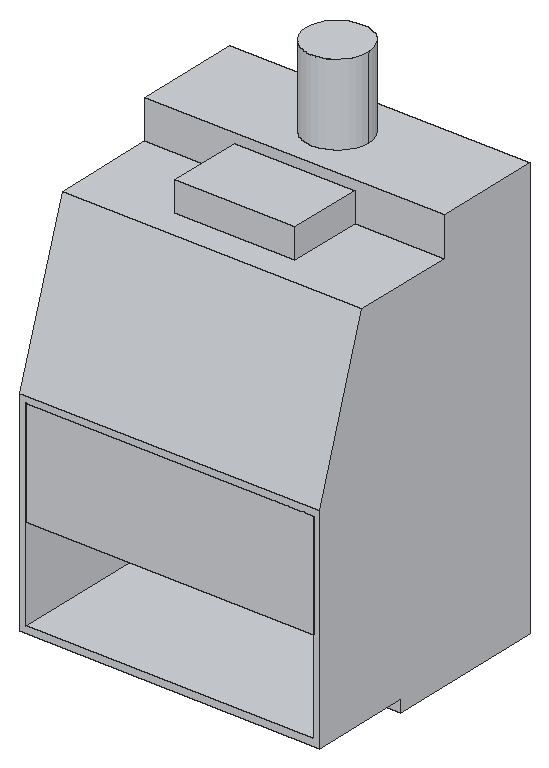
Revit family "M_Exaustor - Exaustão - Estação", category Terminais de ar, Revit 2019
Family settings
  Cota do conector redondo = Utilizar diâmetro
  Tipo de parte = Normal
  Número OmniClass = 23.40.70.11.11.11.14
  Título OmniClass = Laboratory Fume Hoods
  ID de item do Seek = Fume Hood - Exhaust - Station-0000-CAN-ENU
  Com base no plano de trabalho = Não
  Sempre na vertical = Sim
  Corte com vazios quando carregada = Não
  Compartilhado = Não
  Ponto de cálculo do ambiente = Não
Parameters (values of type "1200 mmx1050 mmx2045 mm")
  Largura 3 = 419.1 mm
  Largura 2 = 431.8 mm
  Largura 1 = 304.8 mm
  Voltagem = 110 V
  Vidro de proteção = none
  Queda de pressão [instance] = 0.0 Pa
  Número de pólos = 1
  Fluxo mínimo = 136.86 L/s
  Fluxo máximo = 550.29 L/s
  Classificação de carga = Refrigeração
  Comprimento 2 = Comprimento 1 / 2  # 243.84 mm
  Comprimento 1 = 0.4 * Comprimento da coifa  # 487.68 mm
  Largura da coifa = 1066.8 mm
  Material da coifa = none
  Comprimento da coifa = 1219.2 mm
  Carga aparente = 60 VA
  Fluxo de ar [instance] = 550.29 L/s
Types (16, lengths in mm): name | Largura 3 | Largura 2 | Largura 1 | Vidro de proteção | Queda de pressão | Comprimento 2 | Comprimento 1 | Largura da coifa | Comprimento da coifa
  (no name) | 419.1 | 431.8 | 304.8 | none | 0.0 Pa | 243.84 | 487.68 | 1066.8 | 1219.2
  900 mmx750 mmx2045 mm | 241.3 | 304.8 | 127 | Vidro | 136.86 Pa | 182.88 | 365.76 | 762 | 914.4
  900 mmx900 mmx2045 mm | 330.2 | 368.3 | 215.9 | none | 0.0 Pa | 182.88 | 365.76 | 914.4 | 914.4
  900 mmx1050 mmx2045 mm | 419.1 | 431.8 | 304.8 | none | 0.0 Pa | 182.88 | 365.76 | 1066.8 | 914.4
  1200 mmx750 mmx2045 mm | 241.3 | 304.8 | 127 | none | 0.0 Pa | 243.84 | 487.68 | 762 | 1219.2
  1200 mmx900 mmx2045 mm | 330.2 | 368.3 | 215.9 | none | 0.0 Pa | 243.84 | 487.68 | 914.4 | 1219.2
  1200 mmx1050 mmx2045 mm | 419.1 | 431.8 | 304.8 | none | 0.0 Pa | 243.84 | 487.68 | 1066.8 | 1219.2
  1500 mmx750 mmx2045 mm | 241.3 | 304.8 | 127 | none | 0.0 Pa | 304.8 | 609.6 | 762 | 1524
  1500 mmx900 mmx2045 mm | 330.2 | 368.3 | 215.9 | none | 0.0 Pa | 304.8 | 609.6 | 914.4 | 1524
  1500 mmx1050 mmx2045 mm | 419.1 | 431.8 | 304.8 | none | 0.0 Pa | 304.8 | 609.6 | 1066.8 | 1524
  1800 mmx750 mmx2045 mm | 241.3 | 304.8 | 127 | none | 0.0 Pa | 365.76 | 731.52 | 762 | 1828.8
  1800 mmx900 mmx2045 mm | 330.2 | 368.3 | 215.9 | none | 0.0 Pa | 365.76 | 731.52 | 914.4 | 1828.8
  1800 mmx1050 mmx2045 mm | 419.1 | 431.8 | 304.8 | none | 0.0 Pa | 365.76 | 731.52 | 1066.8 | 1828.8
  2400 mmx750 mmx2045 mm | 241.3 | 304.8 | 127 | none | 0.0 Pa | 487.68 | 975.36 | 762 | 2438.4
  2400 mmx900 mmx2045 mm | 330.2 | 368.3 | 215.9 | none | 0.0 Pa | 487.68 | 975.36 | 914.4 | 2438.4
  2400 mmx1050 mmx2045 mm | 419.1 | 431.8 | 304.8 | none | 0.0 Pa | 487.68 | 975.36 | 1066.8 | 2438.4
Reference planes
  plane 1 "Centro (Frente/Trás)": y = 0
  plane 2: z = 0
  plane 3 "Centro (Esquerda/Direita)": x = 0
  plane 4: y = 533.4
  plane 5: y = -533.4
  plane 6: z = 1714.5
  plane 7: z = 50.8
  plane 8: z = 914.4
  plane 9: z = 2044.7
  plane 10: z = 1555.75
  plane 11: z = 1676.4
  plane 12: y = -120.65
  plane 13: y = 101.6
  plane 14: y = -203.2
  plane 15: y = -317.5
  plane 16: y = 317.5
  plane 17: x = -609.6
  plane 18: x = 609.6
  plane 19: x = -243.84
  plane 20: x = 243.84
  plane 21: x = -584.2
  plane 22: x = 584.2
Forms (mm)
  Extrusion 1, solid, material <- "Material da coifa"
    sketch origin (0, 0, 0) x (0, 1, 0) y (0, 0, 1)
      loop
        line (533.4, 0) -> (533.4, 1714.5) -> (101.6, 1714.5) -> (101.6, 1555.75) -> (-317.5, 1555.75) -> (-533.4, 914.4) -> (-533.4, 50.8) -> (-120.65, 50.8) -> (-120.65, 0) -> (533.4, 0)
    from -609.6 to 609.6
  Extrusion 2, solid, material <- "Material da coifa"
    sketch origin (0, 0, 0) x (0, 1, 0) y (0, 0, 1)
      loop
        line (101.6, 1555.75) -> (101.6, 1676.4) -> (-203.2, 1676.4) -> (-203.2, 1555.75) -> (101.6, 1555.75)
    from -243.84 to 243.84
  Extrusion 3, solid, material <- "Material da coifa"
    sketch origin (0, 0, 0) x (1, 0, 0) y (0, 1, 0)
      loop
        circle (0, 317.5) r 127
    from 1714.5 to 2044.7
  Extrusion 4, void
    sketch origin (0, 0, 0) x (0, 1, 0) y (0, 0, 1)
      loop
        line (508, 889) -> (-533.4, 889) -> (-533.4, 76.2) -> (508, 76.2) -> (508, 889)
    from -584.2 to 584.2
  Extrusion 5, solid, material <- "Vidro de proteção"
    sketch origin (0, 0, 0) x (0, 1, 0) y (0, 0, 1)
      loop
        line (-508, 889) -> (-533.4, 889) -> (-533.4, 457.2) -> (-508, 457.2) -> (-508, 889)
    from -584.2 to 584.2
Cuts and joins
  Extrusion 4 cuts Extrusion 1
Dimensions and locks
  equal spacing: plane 4, plane 1 "Centro (Frente/Trás)", plane 5
  "Largura da coifa": plane 4 to plane 5
  locked: plane 6 to plane 2 at 1714.5
  locked: plane 7 to plane 2 at 50.8
  locked: plane 8 to plane 7 at 863.6
  locked: plane 9 to plane 6 at 330.2
  locked: plane 6 to plane 10 at 158.75
  locked: plane 11 to plane 10 at 120.65
  locked: plane 4 to plane 12 at 654.05
  "Largura 2": plane 4 to plane 13
  "Largura 1": plane 13 to plane 14
  "Largura 3": plane 13 to plane 15
  equal spacing: plane 4, plane 16, plane 13
  equal spacing: plane 17, plane 3 "Centro (Esquerda/Direita)", plane 18
  "Comprimento da coifa": plane 17 to plane 18
  "Comprimento 2": plane 19 to plane 3 "Centro (Esquerda/Direita)"
  "Comprimento 2": plane 3 "Centro (Esquerda/Direita)" to plane 20
  locked: plane 8 to Extrusion 4 sketch curve at 25.4
  locked: plane 4 to Extrusion 4 sketch curve at 25.4
  locked: Extrusion 4 sketch curve to plane 7 at 25.4
  locked: plane 17 to plane 21 at 25.4
  locked: plane 22 to plane 18 at 25.4
  locked: plane 8 to Extrusion 5 sketch curve at 25.4
  locked: Extrusion 5 sketch curve to Extrusion 5 sketch curve at 431.8
  locked: Extrusion 5 sketch curve to Extrusion 5 sketch curve at 25.4
  radius of Extrusion 3 sketch curve = 127 mm
  aligned and locked: Extrusion 1 sketch curve to plane 4
  aligned and locked: plane 6 to Extrusion 1 sketch curve
  aligned and locked: plane 13 to Extrusion 1 sketch curve
  aligned and locked: plane 10 to Extrusion 1 sketch curve
  aligned and locked: Extrusion 1 sketch curve to plane 2
  aligned and locked: Extrusion 1 sketch curve to plane 5
  aligned and locked: plane 12 to Extrusion 1 sketch curve
  aligned and locked: Extrusion 1 sketch curve to plane 7
  aligned and locked: plane 8 to Extrusion 1 sketch curve
  aligned and locked: plane 5 to Extrusion 1 sketch curve
  aligned and locked: Extrusion 2 sketch curve to Extrusion 1  (x2)
  aligned and locked: plane 11 to Extrusion 2 sketch curve
  aligned and locked: Extrusion 2 sketch curve to plane 14
  aligned and locked: Extrusion 1 to plane 17
  aligned and locked: Extrusion 1 to plane 18
  aligned and locked: Extrusion 2 to plane 19
  aligned and locked: Extrusion 2 to plane 20
  aligned and locked: plane 16 to Extrusion 3 sketch curve
  aligned and locked: plane 3 "Centro (Esquerda/Direita)" to Extrusion 3 sketch curve
  aligned and locked: plane 9 to Extrusion 3
  aligned and locked: Extrusion 3 to plane 6
  aligned and locked: plane 5 to Extrusion 4 sketch curve
  aligned and locked: cut or joined group of Extrusion 1, Extrusion 4 to plane 21
  aligned and locked: plane 22 to cut or joined group of Extrusion 1, Extrusion 4
  aligned and locked: plane 5 to Extrusion 5 sketch curve
  aligned and locked: Extrusion 5 to plane 21
  aligned and locked: plane 22 to Extrusion 5
Automatic sketch dimensions
  Extrusion 1 sketch curve to plane 15 = 0 mm
Connectors
  hvac at (0, 317.5, 2044.7), driven by "Fluxo de ar", driven by "Queda de pressão"
    settings: on Extrusion 3, index 1, duct flow 550.29 L/s, flow factor 0, pres drop 0.0 Pa, loss coef 0, conn angle 0.00°, conn width 304.8 mm, conn height 304.8 mm, conn diameter 254 mm, duct sys type 3, conn prof type 0, flow config 1, flow direction 2, loss method 4, conn ref index -1, conn util no, is conn primary yes, conn desc ""
  electrical at (0, -50.8, 1676.4), driven by "Carga aparente", driven by "Voltagem", driven by "Número de pólos", driven by "Classificação de carga"
    settings: on Extrusion 2, index 2, voltage 110 V, apparent load 60 VA, apparent load phase1 0 VA, apparent load phase2 0 VA, apparent load phase3 0 VA, power factor 0.8, load classification "Refrigeração", number of poles 1, system type 30, power factor state 1, is connector primary yes, connector utility no, sub classification motor no, connector description ""
